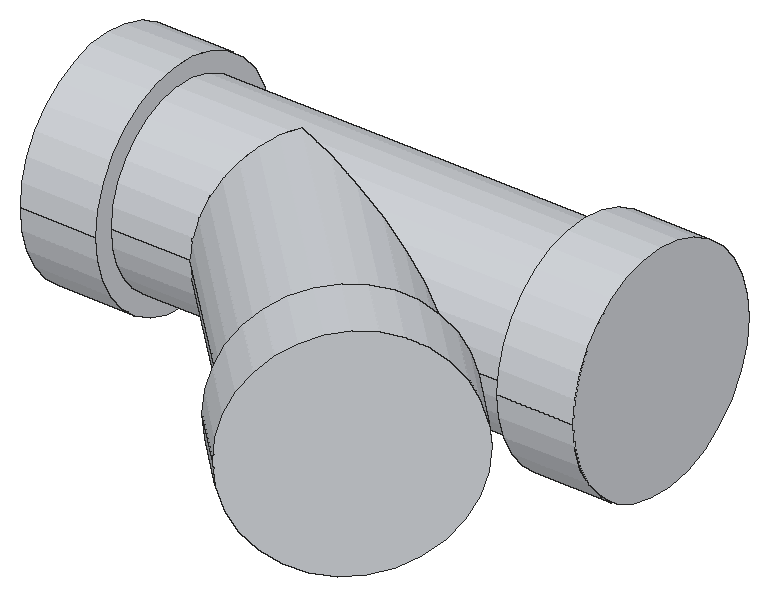
Revit family "89b40021545e443a81e83c9517e921cd", category Pipe Fittings, Revit 2021
Family settings
  Round Connector Dimension = Use Radius
  Part Type = Wye
  OmniClass Number = 23.60.30.11.14
  OmniClass Title = Pipework Fittings
  Seek Item ID = Wye Plain - PVC - Sch 40 - DWV-0000-USA-ENU
  Work Plane-Based = No
  Always vertical = Yes
  Cut with Voids When Loaded = No
  Shared = No
Parameters (values of type "Standard")
  Loss Method = Not Defined
  Lookup Table Name = "Wye Plain - PVC - Sch 40 - DWV"
  Default Elevation = 0' - 0"
  Center to Socket Bottom Label [instance] = if(Angle > 90.00°, Socket Bottom to Socket Bottom Run - Center to Socket Bottom Run, if(Center to Socket Bottom Branch * tan(Angle 1 / 2) > Socket Outside Radius, Socket Bottom to Socket Bottom Run - Center to Socket Bottom Run, Socket Outside Radius / tan(Angle 1 / 2)))  # 2 9/16"
  Wall Thickness [instance] = size_lookup(Lookup Table Name, "WThk", 0.02 * Nominal Diameter + 33/256", Nominal Diameter)  # 0.156"
  Tick Size [instance] = Fitting Outside Diameter * 0.4  # 0.664"
  Socket Outside Radius [instance] = Socket Outside Diameter / 2  # 0.9935"
  Socket Outside Diameter [instance] = Socket Entrance Diameter + Wall Thickness * 2  # 1.987"
  Socket Entrance Diameter [instance] = size_lookup(Lookup Table Name, "SED", 1.04 * Nominal Diameter + 95/256", Nominal Diameter)  # 1.675"
  Socket Depth [instance] = size_lookup(Lookup Table Name, "SDpt", 0.48 * Nominal Diameter + 5/256", Nominal Diameter)  # 0.687"
  Socket Bottom to Socket Bottom Run [instance] = size_lookup(Lookup Table Name, "SBtSBR", 1.46 * Nominal Diameter + 2", Nominal Diameter)  # 3 5/8"
  Nominal Radius [instance] = 5/8"
  Nominal Diameter [instance] = Nominal Radius * 2  # 1 1/4"
  Fitting Outside Radius [instance] = Fitting Outside Diameter / 2  # 0.83"
  Fitting Outside Diameter [instance] = size_lookup(Lookup Table Name, "FOD", 1.04 * Nominal Diameter + 23/64", Nominal Diameter)  # 1.66"
  Center to Socket Bottom Run Label [instance] = if(Angle < 90.00°, Center to Socket Bottom Run, if(and(Angle > 135.00°, Center to Socket Bottom Branch * tan(Angle 1 / 2) > Socket Outside Radius), Center to Socket Bottom Run, Socket Outside Radius / tan(Angle 1 / 2)))  # 1 1/16"
  Center to Socket Bottom Run [instance] = size_lookup(Lookup Table Name, "CtSBR", 0.2 * Nominal Diameter + 223/256", Nominal Diameter)  # 1 1/16"
  Center to Socket Bottom Branch Label [instance] = if(Center to Socket Bottom Branch * tan(Angle 1 / 2) > Socket Outside Radius, Center to Socket Bottom Branch, Socket Outside Radius / tan(Angle 1 / 2))  # 2 9/16"
  Center to Socket Bottom Branch [instance] = size_lookup(Lookup Table Name, "CtSBB", 1.26 * Nominal Diameter + 1 33/256", Nominal Diameter)  # 2 9/16"
  Angle 1 [instance] = if(Angle > 90.00°, 180.00° - Angle, Angle)  # 45.00°
  Angle [instance] = 45.00°
Reference planes (in)
  plane 1 "Center (Front/Back)": y = 0
  plane 2: z = 0
  plane 3 "Center (Left/Right)": x = 0
  plane 4: x = -1.7495
  plane 5: x = -1.0625
  plane 6: x = 3.2495
  plane 7: x = 2.5625
Forms (in)
  Sweep 1, solid, detail levels fine
    path in 3D
      loop
        line (-1.0625, 0, 0) -> (-1.7495, 0, 0)
    profile origin (-1.406, 0, 0) x (0, -1, 0) y (0, 0, 1)
      loop
        circle (0, 0) r 0.9935
  Sweep 2, solid, detail levels fine
    path in 3D
      loop
        line (-1.0625, 0, 0) -> (2.5625, 0, 0)
    profile origin (0.75, 0, 0) x (0, 1, 0) y (0, 0, 1)
      loop
        circle (0, 0) r 0.83
  Sweep 3, solid, detail levels fine
    path in 3D
      loop
        line (2.5625, 0, 0) -> (3.2495, 0, 0)
    profile origin (2.906, 0, 0) x (0, 1, 0) y (0, 0, 1)
      loop
        circle (0, 0) r 0.9935
  Sweep 4, solid, detail levels fine
    path in 3D
      loop
        line (0, 0, 0) -> (1.81196, -1.81196, 0)
    profile origin (0.90598, -0.90598, 0) x (0.707107, 0.707107, 0) y (0, 0, 1)
      loop
        circle (0, 0) r 0.83
  Sweep 5, solid, detail levels fine
    path in 3D
      loop
        line (1.81196, -1.81196, 0) -> (2.29774, -2.29774, 0)
    profile origin (2.05485, -2.05485, 0) x (0.707107, 0.707107, 0) y (0, 0, 1)
      loop
        circle (0, 0) r 0.9935
Cuts and joins
  joined: Sweep 1, Sweep 2, Sweep 3, Sweep 4, Sweep 5
Lines and regions (in)
  model lines, detail levels coarse+medium
    curve 1: line (-1.0625, 0, 0) -> (2.5625, 0, 0)
    curve 2: line (-1.0625, 0, 0) -> (-1.7495, 0, 0)
    curve 3: line (2.5625, 0, 0) -> (3.2495, 0, 0)
    curve 4: line (0, 0, 0) -> (1.81196, -1.81196, 0)
    curve 5: line (1.81196, -1.81196, 0) -> (2.29774, -2.29774, 0)
    curve 11: line (-1.7495, 0, 0) -> (-1.7495, 0.664, 0)
    curve 12: line (-1.7495, 0, 0) -> (-1.7495, -0.664, 0)
    curve 13: line (3.2495, 0, 0) -> (3.2495, 0.664, 0)
    curve 14: line (3.2495, 0, 0) -> (3.2495, -0.664, 0)
    curve 15: line (2.29774, -2.29774, 0) -> (2.76726, -1.82822, 0)
    curve 16: line (2.29774, -2.29774, 0) -> (1.82822, -2.76726, 0)
  sketch lines
    curve 6: line (-1.0625, 0, 0) -> (-1.7495, 0, 0)
    curve 7: line (-1.0625, 0, 0) -> (2.5625, 0, 0)
    curve 8: line (2.5625, 0, 0) -> (3.2495, 0, 0)
    curve 9: line (0, 0, 0) -> (1.81196, -1.81196, 0)
    curve 10: line (1.81196, -1.81196, 0) -> (2.29774, -2.29774, 0)
  reference lines
    curve 17: line (-1.7495, 0, 0) -> (-1.0625, 0, 0)
    curve 18: line (3.2495, 0, 0) -> (2.5625, 0, 0)
    curve 19: line (0, 0, 0) -> (1.81196, -1.81196, 0)
    curve 20: line (1.81196, -1.81196, 0) -> (2.29774, -2.29774, 0)
    curve 21: line (2.29774, -2.29774, 0) -> (1.81196, -1.81196, 0)
Dimensions and locks (in)
  "Center to Socket Bottom Run Label": curve 1 to plane 3 "Center (Left/Right)"
  "Center to Socket Bottom Label": plane 3 "Center (Left/Right)" to curve 1
  "Socket Depth": curve 2 to curve 2
  "Socket Depth": curve 3 to curve 3
  "Center to Socket Bottom Branch Label": curve 4 to curve 4
  "Socket Depth": curve 5 to curve 5
  "Tick Size": curve 11 to curve 11
  "Tick Size": curve 12 to curve 12
  "Tick Size": curve 13 to curve 13
  "Tick Size": curve 14 to curve 14
  "Tick Size": curve 15 to curve 15
  "Tick Size": curve 16 to curve 16
  "Center to Socket Bottom Run Label": plane 5 to plane 3 "Center (Left/Right)"
  "Socket Depth": plane 4 to plane 5
  "Center to Socket Bottom Label": plane 3 "Center (Left/Right)" to plane 7
  "Socket Depth": plane 7 to plane 6
  "Center to Socket Bottom Branch Label": curve 19 to curve 20
  "Socket Depth": curve 20 to curve 20
  "Socket Outside Radius": radius of Sweep 1 sketch curve
  "Fitting Outside Radius": radius of Sweep 2 sketch curve
  "Socket Outside Radius": radius of Sweep 3 sketch curve
  "Fitting Outside Radius": radius of Sweep 4 sketch curve
  "Socket Outside Radius": radius of Sweep 5 sketch curve
  "Angle": angle curve 4 to curve 1
  "Angle": angle curve 5 to curve 1
  angle curve 1 to curve 11 = 90.00°
  angle curve 12 to curve 1 = 90.00°
  angle curve 13 to curve 1 = 90.00°
  angle curve 1 to curve 14 = 90.00°
  angle curve 15 to curve 4 = 90.00°
  angle curve 4 to curve 16 = 90.00°
  "Angle": angle curve 19 to plane 1 "Center (Front/Back)"
  "Angle": angle curve 20 to plane 1 "Center (Front/Back)"
  "Angle": angle curve 21 to plane 1 "Center (Front/Back)"
  aligned and locked: plane 1 "Center (Front/Back)" to curve 1
  aligned and locked: plane 3 "Center (Left/Right)" to curve 4
  aligned and locked: plane 1 "Center (Front/Back)" to curve 4
  aligned and locked: plane 1 "Center (Front/Back)" to Sweep 1 sketch curve
  aligned and locked: plane 2 to Sweep 1 sketch curve
  aligned and locked: plane 1 "Center (Front/Back)" to Sweep 2 sketch curve
  aligned and locked: plane 2 to Sweep 2 sketch curve
  aligned and locked: plane 2 to Sweep 4 sketch curve
  aligned and locked: plane 2 to Sweep 5 sketch curve
  aligned and locked: plane 4 to curve 17
  aligned and locked: plane 1 "Center (Front/Back)" to curve 17
  aligned and locked: plane 6 to curve 18
  aligned and locked: curve 18 to plane 1 "Center (Front/Back)"
  aligned and locked: plane 1 "Center (Front/Back)" to curve 19
  aligned and locked: plane 3 "Center (Left/Right)" to curve 19
  aligned: plane 1 "Center (Front/Back)" to cut or joined group of Sweep 1, Sweep 2, Sweep 3, Sweep 4, Sweep 5
Automatic sketch dimensions
  Sweep 3 sketch curve to profile plane = 0' - 0"  (x2)
  Sweep 4 sketch curve to profile plane = 0' - 0"
  Sweep 5 sketch curve to profile plane = 0' - 0"
  curve 17 to plane 5 = 0' - 0"
  curve 18 to plane 7 = 0' - 0"
Connectors (in)
  piping at (-1.7495, 0, 0), diameter 1.25, driven by "Nominal Radius"
    settings: on cut or joined group of Sweep 1, Sweep 2, Sweep 3, Sweep 4, Sweep 5, index 1, connector inside diameter 1 1/4", connector length 0' - 0", flow factor 0, pipe flow 0 GPM, pressure drop 0.00 psi, fitting loss kfactor 0, connector angle 0.00°, fixture units 0, engagement length 0' - 0", angle of deflection 0.00°, flow configuration 0, flow direction 0, fitting loss method 0, system type 28, joint type 0, gender type 0, connector reference index 2, connector utility 0, adjustable connector no, is connector primary yes, connector description ""
  piping at (3.2495, 0, 0), diameter 1.25, driven by "Nominal Radius"
    settings: on cut or joined group of Sweep 1, Sweep 2, Sweep 3, Sweep 4, Sweep 5, index 2, connector inside diameter 1 1/4", connector length 0' - 0", flow factor 0, pipe flow 0 GPM, pressure drop 0.00 psi, fitting loss kfactor 0, connector angle 0.00°, fixture units 0, engagement length 0' - 0", angle of deflection 0.00°, flow configuration 0, flow direction 0, fitting loss method 0, system type 28, joint type 0, gender type 0, connector reference index 1, connector utility 0, adjustable connector no, is connector primary no, connector description ""
  piping at (2.29774, -2.29774, 0), diameter 1.25, driven by "Nominal Radius", driven by "Angle"
    settings: on cut or joined group of Sweep 1, Sweep 2, Sweep 3, Sweep 4, Sweep 5, index 3, connector inside diameter 1 1/4", connector length 0' - 0", flow factor 0, pipe flow 0 GPM, pressure drop 0.00 psi, fitting loss kfactor 0, connector angle 45.00°, fixture units 0, engagement length 0' - 0", angle of deflection 0.00°, flow configuration 0, flow direction 0, fitting loss method 0, system type 28, joint type 0, gender type 0, connector reference index -1, connector utility 0, adjustable connector no, is connector primary no, connector description ""
